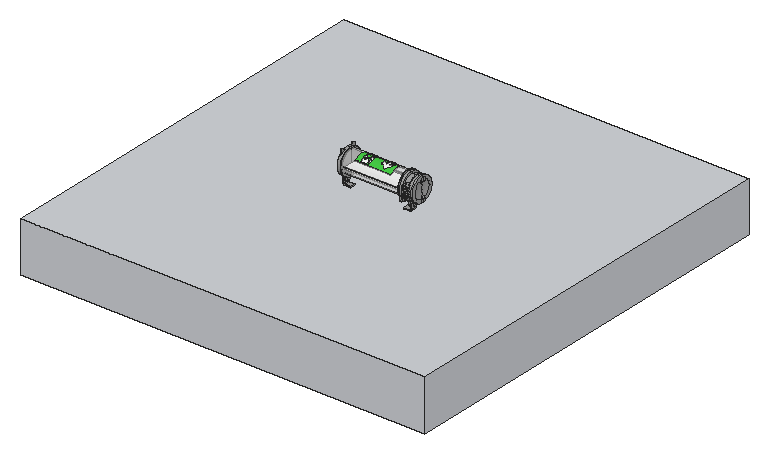
Revit family "URA_Eclairage_de_Securite_ATEX", category Luminaires, Revit 2021
Family settings
  Hôte = Face
  Cote de connecteur circulaire = Utiliser le diamètre
  Type d'élément = Normal
  Numéro OmniClass = 23.80.70.11.21
  Titre OmniClass = Emergency Lighting
  Couper avec des vides une fois chargée = Non
  Source d'éclairage = Non
  Partagée = Non
  Repere pour localisation dans la piece = Non
Parameters (values of type "Evacuation")
  état des accus = "NiMh"
  source lumineuse = "LED non interchangeable"
  capacité des bornes = "1,5 mm2"
  Type de pictogramme = "Autocollant"
  Type de connexion = "autre"
  Type de commutation = "Non permanent"
  Tension = "230 VAC"
  Temperature d'utilisation MIN-MAX = "10°C +50°C"
  Système de contrôle = "Auto-test automatique"
  Référence / Modèle = "UR133000V"
  Puissance du système = 0.7 W
  Poids = ""
  Objet Connecté = yes
  Mode de pose = "Montage en saillie (mur_plafond)"
  Matière = "Plastique"
  Longueur = 470 mm
  Largeur = 150 mm
  IP = "68"
  IK = "09"
  Hauteur = 205 mm
  Fréquence = "50/60 Hz"
  Fonction = "Éclairage d'évacuation"
  Flux lumineux utile = 100 lm
  Fabricant = "URA"
  Evac = yes
  Elévation par défaut = 2300 mm
  Description Produit = "BAES EVACUATION ATEX 100LM-1H SATI CONNECTE-ADRESSABLE IP68-IK09"
  Couleur = "Blanc"
  Consommation en veille = 0 A
  Conditions Générale d'Utilisation = "https://export.legrand.com/CGU-objets-BIM"
  Code EAN = "3613400171590"
  Classe de protection = "I"
  Classe ETIM = "EC001957-Luminaire d'éclairage de sécurité"
  Batterie de rechange = "UR111921"
  Autonomie = "1 H"
  Anti panique = no
  Alimentation de secours = "Autonome (batterie individuelle)"
  Adressable = yes
Types (3, lengths in mm): name | Type de pictogramme | Référence / Modèle | Fonction | Flux lumineux utile | Evac | Description Produit | Code EAN | Anti panique
  (no name) | "Autocollant" | "UR133000V" | "Éclairage d'évacuation" | 100 lm | yes | "BAES EVACUATION ATEX 100LM-1H SATI CONNECTE-ADRESSABLE IP68-IK09" | "3613400171590" | no
  Evacuation | "Autocollant" | "UR133000V" | "Éclairage d'évacuation" | 100 lm | yes | "BAES EVACUATION ATEX 100LM-1H SATI CONNECTE-ADRESSABLE IP68-IK09" | "3613400171590" | no
  Antipanique | "" | "UR133300V" | "Éclairage d'ambiance (anti-panique)" | 450 lm | no | "BAES AMBIANCE ATEX 450LM-1H SATI CONNECTE-ADRESSABLE IP68-IK09" | "3613400171538" | yes
Reference planes
  plane 1 "Centre (avant/arrière)": y = 0
  plane 2 "Connecteur": z = 0
  plane 3 "Centre (gauche/droite)": x = 0
  plane 4: z = 210
  plane 5: x = -236
  plane 6: x = 236
  plane 7: z = 130
  plane 8: y = 48.832
Forms (mm)
  Extrusion 1, solid
    sketch origin (0, 0, 0) x (1, 0, 0) y (0, 1, 0)
      loop
        line (-1219.2, 1219.2) -> (-1219.2, -1219.2) -> (1219.2, -1219.2) -> (1219.2, 1219.2) -> (-1219.2, 1219.2)
    from 0 to -304.8
  Extrusion 2, solid, material "LEGRAND - Vert", visible <- "Evac"
    sketch origin (0, 0, 0) x (0, 1, 0) y (0, 0, 1)
      loop
        line (48.25, 175.617) -> (48.888, 176.107)
        arc (48.888, 176.107) -> (0, 197.2) -> (-48.888, 176.107) r 67.2
        line (-48.888, 176.107) -> (-48.25, 175.617)
        arc (-48.25, 175.617) -> (0, 196.4) -> (48.25, 175.617) r 66.4
    from -136.125 to 80.037
  Extrusion 3, void
    sketch origin (-21, 0, 0) x (1, 0, 0) y (0, 1, 0)
      loop
        line (17.873, -13.503) -> (48.955, -40.531) -> (80.037, -13.503) -> (80.037, 13.525) -> (59.766, -4.102) -> (59.766, 40.553) -> (38.144, 40.553) -> (38.144, -4.102) -> (17.873, 13.525) -> (17.873, -13.503)
      loop
        line (-85.638, 39.839) -> (-85.638, -17.718) -> (-72.35, -17.718)
        arc (-72.35, -17.718) -> (-71.948, -17.564) -> (-71.753, -17.181) r 0.6
        line (-71.753, -17.181) -> (-70.247, -2.913)
        arc (-70.247, -2.913) -> (-69.659, -0.116) -> (-68.515, 2.503) r 14.01
        line (-68.515, 2.503) -> (-62.608, 13.869) -> (-70.958, 13.869) -> (-77.309, 4.279)
        arc (-77.309, 4.279) -> (-78.991, 3.297) -> (-80.899, 3.692) r 2.72
        arc (-80.899, 3.692) -> (-82.053, 5.261) -> (-81.862, 7.199) r 2.72
        line (-81.862, 7.199) -> (-74.597, 18.231)
        arc (-74.597, 18.231) -> (-72.844, 19.509) -> (-70.733, 20.007) r 5.487
        line (-70.733, 20.007) -> (-55.854, 20.007)
        arc (-55.854, 20.007) -> (-50.731, 18.955) -> (-46.438, 15.967) r 12.993
        line (-46.438, 15.967) -> (-39.864, 6.555) -> (-34.026, 6.555) -> (-34.026, 39.839) -> (-85.638, 39.839)
      loop
        line (-41.677, -36.854) -> (-41.677, -42.786) -> (-34.026, -42.786) -> (-34.026, 0.334) -> (-40.367, 0.334)
        arc (-40.367, 0.334) -> (-41.513, 0.593) -> (-42.436, 1.319) r 2.667
        line (-42.436, 1.319) -> (-48.597, 9.3)
        arc (-48.597, 9.3) -> (-49.065, 9.53) -> (-49.533, 9.3) r 0.591
        line (-49.533, 9.3) -> (-54.708, -1.39)
        arc (-54.708, -1.39) -> (-55.116, -3.299) -> (-54.597, -5.18) r 4.103
        line (-54.597, -5.18) -> (-41.677, -36.854)
      loop
        arc (-61.773, -8.284) -> (-61.982, -7.921) -> (-62.375, -7.778) r 0.611
        arc (-62.375, -7.778) -> (-62.768, -7.921) -> (-62.977, -8.284) r 0.611
        line (-62.977, -8.284) -> (-65.428, -22.384)
        arc (-65.428, -22.384) -> (-66.443, -23.793) -> (-68.095, -24.332) r 2.799
        line (-68.095, -24.332) -> (-85.638, -24.332) -> (-85.638, -42.786) -> (-48.427, -42.786) -> (-48.427, -36.826) -> (-61.773, -8.284)
      loop
        arc (-49.779, 21.27) -> (-45.957, 22.854) -> (-44.373, 26.676) r 5.406
        arc (-44.373, 26.676) -> (-45.957, 30.498) -> (-49.779, 32.082) r 5.406
        arc (-49.779, 32.082) -> (-53.601, 30.498) -> (-55.185, 26.676) r 5.406
        arc (-55.185, 26.676) -> (-53.601, 22.854) -> (-49.779, 21.27) r 5.406
    from 76.442 to 210
  Extrusion 4, solid, material "LEGRAND - Plastique blanc", visible <- "Evac"
    sketch origin (0, 0, 0) x (0, 1, 0) y (0, 0, 1)
      loop
        arc (48.25, 175.617) -> (0, 196.4) -> (-48.25, 175.617) r 66.4
        line (-48.25, 175.617) -> (-47.611, 175.128)
        arc (-47.611, 175.128) -> (0, 195.6) -> (47.611, 175.128) r 65.6
        line (47.611, 175.128) -> (48.25, 175.617)
    from -136.125 to 80.037
  Extrusion 5, solid, material "LEGRAND - Plastique transparent"
    sketch origin (0, 0, 0) x (0, 1, 0) y (0, 0, 1)
      loop
        circle (0, 130) r 60.5
      loop
        circle (0, 130) r 66.4
    from -215.5 to 158.531
  Revolve 6, solid, material "LEGRAND - Gris"
    sketch origin (0, 0, 0) x (1, 0, 0) y (0, 0, 1)
      loop
        line (-198.5, 207) -> (-202.483, 207) -> (-202.483, 204.9) -> (-222, 204.9) -> (-222, 194.408) -> (-229.61, 193.742)
        arc (-229.61, 193.742) -> (-234.161, 191.498) -> (-236, 186.768) r 7
        line (-236, 186.768) -> (-236, 130) -> (-198.5, 130) -> (-198.5, 207)
      axis (-198.5, 130) -> (-236, 130)
    angle from 0 to 360
  Extrusion 7, solid, material "LEGRAND - Gris"
    sketch origin (0, 0, 0) x (0, 1, 0) y (0, 0, 1)
      loop
        arc (49.578, 202.021) -> (44.639, 209.412) -> (35.921, 207.678) r 8
        line (35.921, 207.678) -> (19.597, 191.354)
        arc (19.597, 191.354) -> (36.038, 183.382) -> (49.578, 171.114) r 64.408
        line (49.578, 171.114) -> (49.578, 202.021)
      loop
        line (-49.578, 202.021) -> (-49.578, 171.114)
        arc (-49.578, 171.114) -> (-36.038, 183.382) -> (-19.597, 191.354) r 64.408
        line (-19.597, 191.354) -> (-35.921, 207.678)
        arc (-35.921, 207.678) -> (-44.639, 209.412) -> (-49.578, 202.021) r 8
    from -224.5 to -218.5
  Extrusion 8, solid, material "LEGRAND - Gris"
    sketch origin (0, 0, 0) x (0, 1, 0) y (0, 0, 1)
      loop
        arc (22.233, 72.551) -> (11.291, 69.59) -> (0, 68.592) r 64.408
        arc (0, 68.592) -> (-11.291, 69.59) -> (-22.233, 72.551) r 64.408
        line (-22.233, 72.551) -> (-14.969, 31.357)
        arc (-14.969, 31.357) -> (0, 18.797) -> (14.969, 31.357) r 15.2
        line (14.969, 31.357) -> (22.233, 72.551)
    from -230.5 to -218.5
  Extrusion 9, solid, material "LEGRAND - Gris"
    sketch origin (0, 0, 0) x (0, 1, 0) y (0, 0, 1)
      loop
        arc (15, 38.229) -> (0, 44.981) -> (-15, 38.229) r 20.037
        line (-15, 38.229) -> (-15, 10) -> (15, 10) -> (15, 38.229)
    from -235.5 to -230.5
  Extrusion 10, solid, material "LEGRAND - Gris"
    sketch origin (0, 0, 0) x (1, 0, 0) y (0, 0, 1)
      loop
        arc (-225.5, 5) -> (-229.036, 6.464) -> (-230.5, 10) r 5
        line (-230.5, 10) -> (-235.5, 10)
        arc (-235.5, 10) -> (-232.571, 2.929) -> (-225.5, 0) r 10
        line (-225.5, 0) -> (-190.5, 0) -> (-190.5, 5) -> (-225.5, 5)
    from -15 to 15
  Extrusion 11, solid, material "LEGRAND - Gris"
    sketch origin (0, 0, 0) x (0, 1, 0) y (0, 0, 1)
      loop
        line (0, 24.175) -> (8.487, 29.075) -> (8.487, 38.875) -> (0, 43.775) -> (-8.487, 38.875) -> (-8.487, 29.075) -> (0, 24.175)
    from -245.5 to -237.5
  Extrusion 12, solid, material "LEGRAND - Gris"
    sketch origin (0, 0, 0) x (0, 1, 0) y (0, 0, 1)
      loop
        circle (0, 33.998) r 5.1
    from -248.5 to -213.034
  Revolve 13, solid, material "LEGRAND - Gris"
    sketch origin (-56, 0, 0) x (-1, 0, 0) y (0, 0, -1)
      loop
        line (-198.5, -207) -> (-198.5, -130) -> (-284, -130) -> (-284, -202.484) -> (-273.5, -202.484) -> (-273.5, -199.412) -> (-256.027, -199.412)
        arc (-256.027, -199.412) -> (-254.077, -198.889) -> (-252.649, -197.462) r 3.9
        line (-252.649, -197.462) -> (-251.607, -195.657) -> (-222, -195.657) -> (-222, -204.9) -> (-202.483, -204.9) -> (-202.483, -207) -> (-198.5, -207)
      axis (-198.5, -130) -> (-284, -130)
    angle from 0 to 360
  Extrusion 14, solid, material "LEGRAND - Gris"
    sketch origin (-58, 0, 0) x (0, 1, 0) y (0, 0, -1)
      loop
        line (22.233, -72.551) -> (14.969, -31.357)
        arc (14.969, -31.357) -> (0, -18.797) -> (-14.969, -31.357) r 15.2
        line (-14.969, -31.357) -> (-22.233, -72.551)
        arc (-22.233, -72.551) -> (-11.291, -69.59) -> (0, -68.592) r 64.408
        arc (0, -68.592) -> (11.291, -69.59) -> (22.233, -72.551) r 64.408
    from -230.5 to -218.5
  Extrusion 15, solid, material "LEGRAND - Gris"
    sketch origin (-58, 0, 0) x (0, 1, 0) y (0, 0, -1)
      loop
        line (15, -38.229) -> (15, -10) -> (-15, -10) -> (-15, -38.229)
        arc (-15, -38.229) -> (0, -44.981) -> (15, -38.229) r 20.037
    from -235.5 to -230.5
  Extrusion 16, solid, material "LEGRAND - Gris"
    sketch origin (-58, 0, 0) x (-1, 0, 0) y (0, 0, -1)
      loop
        line (-225.5, -5) -> (-190.5, -5) -> (-190.5, 0) -> (-225.5, 0)
        arc (-225.5, 0) -> (-232.571, -2.929) -> (-235.5, -10) r 10
        line (-235.5, -10) -> (-230.5, -10)
        arc (-230.5, -10) -> (-229.036, -6.464) -> (-225.5, -5) r 5
    from -15 to 15
  Extrusion 17, solid, material "LEGRAND - Gris"
    sketch origin (-58, 0, 0) x (0, 1, 0) y (0, 0, -1)
      loop
        line (0, -24.175) -> (-8.487, -29.075) -> (-8.487, -38.875) -> (0, -43.775) -> (8.487, -38.875) -> (8.487, -29.075) -> (0, -24.175)
    from -245.5 to -237.5
  Extrusion 18, solid, material "LEGRAND - Gris"
    sketch origin (-58, 0, 0) x (0, 1, 0) y (0, 0, -1)
      loop
        circle (0, -33.998) r 5.1
    from -248.5 to -213.5
  Extrusion 19, solid, material "LEGRAND - Gris"
    sketch origin (0, 0, 0) x (1, 0, 0) y (0, 0, 1)
      loop
        circle (182.475, 155.061) r 17
      loop
        circle (182.475, 155.061) r 12
      loop
        circle (182.475, 104.961) r 17
      loop
        circle (182.475, 104.961) r 12
    from 36.854 to 74.322
  Revolve 20, solid, material "LEGRAND - Gris"
    sketch origin (182.5, 0, 0) x (0, 1, 0) y (0, 0, 1)
      loop
        line (-100.5, 116.009) -> (-100.5, 105) -> (-80.5, 105) -> (-80.5, 116.609) -> (-88.9, 116.609) -> (-88.9, 115.009) -> (-97, 115.009) -> (-97, 116.009) -> (-100.5, 116.009)
      axis (-100.5, 105) -> (-80.5, 105)
    angle from 0 to 360
  Extrusion 21, solid, material "LEGRAND - Gris"
    sketch origin (0, 0, 0) x (1, 0, 0) y (0, 0, 1)
      loop
        line (172.708, 114.771) -> (169.13, 101.446) -> (178.881, 91.685) -> (192.209, 95.249) -> (195.787, 108.574) -> (186.036, 118.335) -> (172.708, 114.771)
    from 74.322 to 80.5
  Revolve 22, void
    sketch origin (0, 0, 0) x (1, 0, 0) y (0, 0, 1)
      loop
        line (222.4, 130) -> (232.277, 130) -> (232.277, 189.738) -> (229.284, 189.738)
        arc (229.284, 189.738) -> (224.127, 161.275) -> (222.4, 132.4) r 242.231
        line (222.4, 132.4) -> (222.4, 130)
      axis (222.4, 130) -> (232.277, 130)
    angle from 0 to 360
  Revolve 23, void
    sketch origin (-7.7, 0, 0) x (-1, 0, 0) y (0, 0, -1)
      loop
        line (222.4, -130) -> (222.4, -132.4)
        arc (222.4, -132.4) -> (224.127, -161.275) -> (229.284, -189.738) r 242.231
        line (229.284, -189.738) -> (232.277, -189.738) -> (232.277, -130) -> (222.4, -130)
      axis (222.4, -130) -> (232.277, -130)
    angle from 0 to 360
  Extrusion 24, solid, material "LEGRAND - Gris"
    sketch origin (0, 0, 0) x (1, 0, 0) y (0, 0, 1)
      loop
        line (236, 195.089) -> (222, 197.558) -> (222, 163.7) -> (236, 177.709) -> (236, 195.089)
    from 3.369 to 8.631
  Extrusion 25, solid, material "LEGRAND - Gris"
    sketch origin (0, 0, 0) x (1, 0, 0) y (0, 0, -1)
      loop
        line (236, -195.089) -> (236, -177.709) -> (222, -163.7) -> (222, -197.558) -> (236, -195.089)
    from 3.369 to 8.631
  Extrusion 26, solid, material "LEGRAND - Gris"
    sketch origin (0, 0, 260) x (1, 0, 0) y (0, 0, 1)
      loop
        line (236, -195.089) -> (236, -177.709) -> (222, -163.7) -> (222, -197.558) -> (236, -195.089)
    from 3.369 to 8.631
  Extrusion 27, solid, material "LEGRAND - Gris"
    sketch origin (0, 0, 260) x (1, 0, 0) y (0, 0, -1)
      loop
        line (236, 195.089) -> (222, 197.558) -> (222, 163.7) -> (236, 177.709) -> (236, 195.089)
    from 3.369 to 8.631
  Extrusion 28, solid, material "LEGRAND - Plastique blanc"
    sketch origin (0, 0, 0) x (1, 0, 0) y (0, 0, 1)
      loop
        line (142.5, 117) -> (142.5, 128) -> (-198.5, 128) -> (-198.5, 117) -> (142.5, 117)
    from -54.3 to 54.3
  Extrusion 29, solid, material "LEGRAND - Gris"
    sketch origin (0, 0, 0) x (1, 0, 0) y (0, 0, -1)
      loop
        circle (182.475, -104.961) r 17
      loop
        circle (182.475, -104.961) r 12
    from 36.854 to 74.322
Cuts and joins
  Extrusion 3 cuts Extrusion 2
  Revolve 23 cuts Revolve 6
  joined: Revolve 6, Extrusion 7, Extrusion 8
  joined: Extrusion 11, Extrusion 12
  Revolve 22, Revolve 23 cuts Revolve 13
  Revolve 23 cuts Extrusion 19
  joined: Revolve 13, Extrusion 19, Extrusion 24, Extrusion 25, Extrusion 26, Extrusion 27
Dimensions and locks
  plane 5 to plane 6 = 472 mm
  aligned and locked: plane 2 "Connecteur" to Extrusion 1
  aligned and locked: level to Extrusion 1
Nested families
  nested 1: "Pas de picto" at (0, 0, 52.5) x (-1, 0, 0) z (0, -1, 0), visible <- "Anti panique", type "Pas de picto"
  nested 2: "Picto Evac" at (0, 0, 52.5) x (-1, 0, 0) z (0, -1, 0), visible <- "Evac", type "Picto Evac"
Connectors
  electrical at (228, 4, 130)
    settings: on cut or joined group of Revolve 13, Extrusion 19, Revolve 22, Revolve 23, Extrusion 24, Extrusion 25, Extrusion 26, Extrusion 27, index 1, voltage 0 V, apparent load 0 VA, apparent load phase1 0 VA, apparent load phase2 0 VA, apparent load phase3 0 VA, power factor 1, load classification "Autre", number of poles 1, system type 31, power factor state 1, is connector primary yes, connector utility no, sub classification motor no, connector description ""
Definition of nested family "Pas de picto"
  Reference planes
    plane 1 "Centre (avant/arrière)": y = 0
    plane 2: z = 0
    plane 3 "Centre (gauche/droite)": x = 0
  Lines and regions (mm)
    Filled region 1, type "NOIR", in view "Niveau de réf."
      outline origin (0, 0, 0) x (1, 0, 0) y (0, 1, 0)
        loop
          line (103, 52.5) -> (-103, 52.5) -> (-103, -52.5) -> (103, -52.5) -> (103, 52.5)
        loop
          line (98, 47.5) -> (-98, 47.5) -> (-98, -47.5) -> (98, -47.5) -> (98, 47.5)
    model lines, in view "Niveau de réf."
      curve 1: line (103, -52.5, 0) -> (103, 52.5, 0)
      curve 2: line (103, 52.5, 0) -> (-103, 52.5, 0)
      curve 3: line (-103, 52.5, 0) -> (-103, -52.5, 0)
      curve 4: line (-103, -52.5, 0) -> (103, -52.5, 0)
    detail lines, in view "Niveau de réf."
      curve 5: line (98, 47.5, 0) -> (-98, 47.5, 0)
      curve 6: line (-98, 47.5, 0) -> (-98, -47.5, 0)
      curve 7: line (-98, -47.5, 0) -> (98, -47.5, 0)
      curve 8: line (98, -47.5, 0) -> (98, 47.5, 0)
Definition of nested family "Picto Evac"
  Reference planes
    plane 1 "Centre (avant/arrière)": y = 0
    plane 2: z = 0
    plane 3 "Centre (gauche/droite)": x = 0
  Lines and regions (mm)
    Filled region 1, type "Vert", in view "Niveau de réf."
      outline origin (0, 0, 0) x (1, 0, 0) y (0, 1, 0)
        loop
          line (103, 52.5) -> (-103, 52.5) -> (-103, -52.5) -> (103, -52.5) -> (103, 52.5)
        loop
          line (-55.764, -17.192) -> (-54.258, -2.924)
          arc (-54.258, -2.924) -> (-53.67, -0.127) -> (-52.526, 2.492) r 14.01
          line (-52.526, 2.492) -> (-46.619, 13.858) -> (-54.969, 13.858) -> (-61.32, 4.268)
          arc (-61.32, 4.268) -> (-63.003, 3.286) -> (-64.91, 3.681) r 2.72
          arc (-64.91, 3.681) -> (-66.064, 5.25) -> (-65.874, 7.188) r 2.72
          line (-65.874, 7.188) -> (-58.609, 18.22)
          arc (-58.609, 18.22) -> (-56.855, 19.498) -> (-54.744, 19.996) r 5.487
          line (-54.744, 19.996) -> (-39.865, 19.996)
          arc (-39.865, 19.996) -> (-34.742, 18.943) -> (-30.449, 15.956) r 12.993
          line (-30.449, 15.956) -> (-23.876, 6.544) -> (-18.037, 6.544) -> (-18.037, 39.828) -> (-69.649, 39.828) -> (-69.649, -17.729) -> (-56.361, -17.729)
          arc (-56.361, -17.729) -> (-55.959, -17.575) -> (-55.764, -17.192) r 0.6
        loop
          line (-33.545, 9.289) -> (-38.719, -1.401)
          arc (-38.719, -1.401) -> (-39.127, -3.31) -> (-38.608, -5.191) r 4.103
          line (-38.608, -5.191) -> (-25.689, -36.865) -> (-25.689, -42.797) -> (-18.037, -42.797) -> (-18.037, 0.323) -> (-24.378, 0.323)
          arc (-24.378, 0.323) -> (-25.524, 0.582) -> (-26.448, 1.308) r 2.667
          line (-26.448, 1.308) -> (-32.608, 9.289)
          arc (-32.608, 9.289) -> (-33.076, 9.519) -> (-33.545, 9.289) r 0.591
        loop
          line (-46.988, -8.295) -> (-49.44, -22.395)
          arc (-49.44, -22.395) -> (-50.455, -23.804) -> (-52.106, -24.343) r 2.799
          line (-52.106, -24.343) -> (-69.649, -24.343) -> (-69.649, -42.797) -> (-32.438, -42.797) -> (-32.438, -36.837) -> (-45.784, -8.295)
          arc (-45.784, -8.295) -> (-45.993, -7.932) -> (-46.386, -7.789) r 0.611
          arc (-46.386, -7.789) -> (-46.78, -7.932) -> (-46.988, -8.295) r 0.611
        loop
          arc (-33.79, 21.259) -> (-29.968, 22.843) -> (-28.385, 26.665) r 5.406
          arc (-28.385, 26.665) -> (-29.968, 30.487) -> (-33.79, 32.071) r 5.406
          arc (-33.79, 32.071) -> (-37.613, 30.487) -> (-39.196, 26.665) r 5.406
          arc (-39.196, 26.665) -> (-37.613, 22.843) -> (-33.79, 21.259) r 5.406
        loop
          line (80.026, -13.514) -> (80.026, 13.514) -> (59.755, -4.113) -> (59.755, 40.542) -> (38.132, 40.542) -> (38.132, -4.113) -> (17.861, 13.514) -> (17.861, -13.514) -> (48.944, -40.542) -> (80.026, -13.514)
    model lines, in view "Niveau de réf."
      curve 1: arc (-33.79, 32.071, 0) -> (-29.968, 30.487, 0) -> (-28.385, 26.665, 0) r 5.406
      curve 2: arc (-28.385, 26.665, 0) -> (-29.968, 22.843, 0) -> (-33.79, 21.259, 0) r 5.406
      curve 3: arc (-33.79, 21.259, 0) -> (-37.613, 22.843, 0) -> (-39.196, 26.665, 0) r 5.406
      curve 4: arc (-39.196, 26.665, 0) -> (-37.613, 30.487, 0) -> (-33.79, 32.071, 0) r 5.406
      curve 5: arc (-52.526, 2.492, 0) -> (-53.67, -0.127, 0) -> (-54.258, -2.924, 0) r 14.01
      curve 6: arc (-64.91, 3.681, 0) -> (-63.003, 3.286, 0) -> (-61.32, 4.268, 0) r 2.72
      curve 7: arc (-65.874, 7.188, 0) -> (-66.064, 5.25, 0) -> (-64.91, 3.681, 0) r 2.72
      curve 8: arc (-54.744, 19.996, 0) -> (-56.855, 19.498, 0) -> (-58.609, 18.22, 0) r 5.487
      curve 9: arc (-30.449, 15.956, 0) -> (-34.742, 18.943, 0) -> (-39.865, 19.996, 0) r 12.993
      curve 10: arc (-26.448, 1.308, 0) -> (-25.524, 0.582, 0) -> (-24.378, 0.323, 0) r 2.667
      curve 11: arc (-32.608, 9.289, 0) -> (-32.816, 9.458, 0) -> (-33.076, 9.519, 0) r 0.591
      curve 12: arc (-33.076, 9.519, 0) -> (-33.337, 9.458, 0) -> (-33.545, 9.289, 0) r 0.591
      curve 13: arc (-38.719, -1.401, 0) -> (-39.127, -3.31, 0) -> (-38.608, -5.191, 0) r 4.103
      curve 14: arc (-45.784, -8.295, 0) -> (-45.993, -7.932, 0) -> (-46.386, -7.789, 0) r 0.611
      curve 15: arc (-46.386, -7.789, 0) -> (-46.78, -7.932, 0) -> (-46.988, -8.295, 0) r 0.611
      curve 16: arc (-52.106, -24.343, 0) -> (-50.455, -23.804, 0) -> (-49.44, -22.395, 0) r 2.799
      curve 17: line (-55.764, -17.192, 0) -> (-54.258, -2.924, 0)
      curve 18: line (-52.526, 2.492, 0) -> (-46.619, 13.858, 0)
      curve 19: line (-46.619, 13.858, 0) -> (-54.969, 13.858, 0)
      curve 20: line (-54.969, 13.858, 0) -> (-61.32, 4.268, 0)
      curve 21: line (-65.874, 7.188, 0) -> (-58.609, 18.22, 0)
      curve 22: line (-54.744, 19.996, 0) -> (-39.865, 19.996, 0)
      curve 23: line (-30.449, 15.956, 0) -> (-23.876, 6.544, 0)
      curve 24: line (-23.876, 6.544, 0) -> (-18.037, 6.544, 0)
      curve 25: line (-18.037, 6.544, 0) -> (-18.037, 39.828, 0)
      curve 26: line (-18.037, 39.828, 0) -> (-69.649, 39.828, 0)
      curve 27: line (-52.106, -24.343, 0) -> (-69.649, -24.343, 0)
      curve 28: line (-69.649, -24.343, 0) -> (-69.649, -42.797, 0)
      curve 29: line (-69.649, -42.797, 0) -> (-32.438, -42.797, 0)
      curve 30: line (-18.037, -42.797, 0) -> (-18.037, 0.323, 0)
      curve 31: line (-18.037, 0.323, 0) -> (-24.378, 0.323, 0)
      curve 32: line (-26.448, 1.308, 0) -> (-32.608, 9.289, 0)
      curve 33: line (-33.545, 9.289, 0) -> (-38.719, -1.401, 0)
      curve 34: line (-38.608, -5.191, 0) -> (-25.689, -36.865, 0)
      curve 35: line (-32.438, -36.837, 0) -> (-45.784, -8.295, 0)
      curve 36: line (-46.988, -8.295, 0) -> (-49.44, -22.395, 0)
      curve 37: line (-69.649, -17.729, 0) -> (-56.361, -17.729, 0)
      curve 38: line (48.944, -40.542, 0) -> (80.026, -13.514, 0)
      curve 39: line (80.026, -13.514, 0) -> (80.026, 13.514, 0)
      curve 40: line (80.026, 13.514, 0) -> (59.755, -4.113, 0)
      curve 41: line (59.755, -4.113, 0) -> (59.755, 40.542, 0)
      curve 42: line (59.755, 40.542, 0) -> (38.132, 40.542, 0)
      curve 43: line (38.132, 40.542, 0) -> (38.132, -4.113, 0)
      curve 44: line (38.132, -4.113, 0) -> (17.861, 13.514, 0)
      curve 45: line (17.861, 13.514, 0) -> (17.861, -13.514, 0)
      curve 46: line (17.861, -13.514, 0) -> (48.944, -40.542, 0)
      curve 47: line (103, -52.5, 0) -> (103, 52.5, 0)
      curve 48: line (103, 52.5, 0) -> (-103, 52.5, 0)
      curve 49: line (-103, 52.5, 0) -> (-103, -52.5, 0)
      curve 50: line (-103, -52.5, 0) -> (103, -52.5, 0)
      curve 51: line (-69.649, -17.729, 0) -> (-69.649, 39.828, 0)
      curve 52: line (-32.438, -36.837, 0) -> (-32.438, -42.797, 0)
      curve 53: line (-25.689, -36.865, 0) -> (-25.689, -42.797, 0)
      curve 54: line (-25.689, -42.797, 0) -> (-18.037, -42.797, 0)
    detail lines, in view "Niveau de réf."
      curve 55: arc (-56.361, -17.729, 0) -> (-55.959, -17.575, 0) -> (-55.764, -17.192, 0) r 0.6
